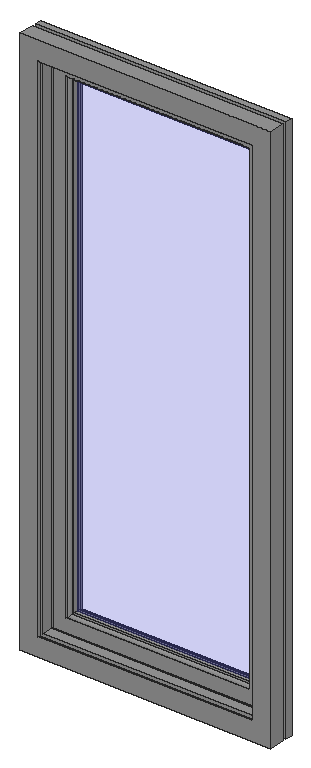
Revit family "MB1 RH", category Windows, host Wall, Revit 2015
Parameters (values of type "MB1 RH")
  Height = 1195 mm
  Default Lintel Height = 2100 mm
  Wall Closure = By host
  Width = 542 mm
Reference planes
  plane 1 "Center (Front/Back)": y = 0
  plane 2 "Center (Left/Right)": x = 0
  plane 3 "Left": x = -271
  plane 4 "Right": x = 271
  plane 5 "Sill": z = 905
  plane 6 "Head": z = 2100
  plane 7 "Exterior": y = 100
  plane 8 "Interior": y = -100
  plane 9: y = -28.5
  plane 10: y = 23.5
Forms (mm)
  Sweep 1, solid, material "Lauan, Meranti"
    path origin (0, 100, 0) x (1, 0, 0) y (0, 0, 1)
      loop
        line (271, 2100) -> (-271, 2100) -> (-271, 905) -> (271, 905) -> (271, 2100)
    profile origin (0, 100, 2100) x (0, 0, -1) y (0, -1, 0)
      loop
        line (0, 71.5) -> (29, 71.5) -> (29, 96.5) -> (37.5, 96.5) -> (37.5, 102.5) -> (40.5, 102.5) -> (40.5, 96.5) -> (44, 96.5) -> (44, 122.5) -> (39, 122.5) -> (39, 128.5) -> (0, 128.5) -> (0, 94.5) -> (10, 94.5) -> (10, 86.5) -> (0, 86.5) -> (0, 71.5)
  Sweep 2, solid, material "Rubber"
    path origin (0, 100, 0) x (1, 0, 0) y (0, 0, 1)
      loop
        line (233.5, 2062.5) -> (-233.5, 2062.5) -> (-233.5, 942.5) -> (233.5, 942.5) -> (233.5, 2062.5)
    profile origin (0, 100, 2062.5) x (0, 0, -1) y (0, -1, 0)
      loop
        line (1.5, 91.5) -> (6.5, 93.5) -> (6.5, 96.5) -> (2.5, 96.5) -> (2.5, 98.93) -> (3.5, 98.93) -> (2.5, 99.198) -> (2.5, 100.964) -> (3.5, 100.964) -> (1.5, 101.5) -> (-0.5, 100.964) -> (0.5, 100.964) -> (0.5, 99.198) -> (-0.5, 98.93) -> (0.5, 98.93) -> (0.5, 96.5) -> (-3.5, 96.5) -> (-3.5, 93.5) -> (1.5, 91.5)
  Sweep 3, solid, material "Lauan, Meranti"
    path origin (0, 100, 0) x (1, 0, 0) y (0, 0, 1)
      loop
        line (242, 2071) -> (-242, 2071) -> (-242, 934) -> (242, 934) -> (242, 2071)
    profile origin (0, 100, 2071) x (0, 0, -1) y (0, -1, 0)
      loop
        arc (-5, 57.5) -> (-3.242, 53.257) -> (1, 51.5) r 6
        line (1, 51.5) -> (43, 51.5) -> (43, 76.5) -> (52, 76.5) -> (52, 84.5) -> (49, 84.5)
        arc (49, 84.5) -> (47.243, 88.743) -> (43, 90.5) r 6
        line (43, 90.5) -> (43, 93.5) -> (10, 93.5) -> (10, 89.5) -> (12, 89.5) -> (12, 84.5) -> (14, 83.964) -> (14, 79.036) -> (12, 78.5) -> (12, 71.5) -> (-5, 71.5) -> (-5, 57.5)
  Sweep 4, solid, material "Lauan, Meranti"
    path origin (0, 100, 0) x (1, 0, 0) y (0, 0, 1)
      loop
        line (198.986, 2027.989) -> (-198.986, 2027.989) -> (-198.986, 977.011) -> (198.986, 977.011) -> (198.986, 2027.989)
    profile origin (0, 100, 2027.989) x (0, 0, -1) y (0, -1, 0)
      loop
        arc (0, 62.1) -> (4.67, 63.734) -> (7, 68.1) r 6.807
        line (7, 68.1) -> (9, 68.1) -> (9, 70.1) -> (0, 70.1) -> (0, 62.1)
  Extrusion 5, solid, material "Glass"
    sketch origin (-271, 0, 0) x (0, -1, 0) y (0, 0, 1)
      loop
        line (-23.5, 2028) -> (-29.9, 2028) -> (-29.9, 977) -> (-23.5, 977) -> (-23.5, 2028)
    from -470 to -72
Lines and regions (mm)
  Opening 1
    outline origin (3500, -100, 0) x (1, 0, 0) y (0, 0, 1)
      loop
        line (-3229, 905) -> (-3229, 2100) -> (-3771, 2100) -> (-3771, 905) -> (-3229, 905)
  model lines
    curve 1: line (-247, 48.5, 2076) -> (247, 48.5, 1502.5)
    curve 2: line (247, 48.5, 1502.5) -> (-247, 48.5, 929)
Text (mm)
  text "EXTERIOR" at (-1963.203, 1332.353, 0), in view "Ref. Level"
  text "INTERIOR" at (-1981.466, -818.386, 0), in view "Ref. Level"
  text "Exterior" at (0, 923.751, 2943.296), in view "Right"
  text "Exterior" at (0, 1040.484, 2685.409), in view "Left"
Dimensions and locks
  equal spacing: plane 3 "Left", plane 2 "Center (Left/Right)", plane 4 "Right"
  "Width": plane 3 "Left" to plane 4 "Right"
  "Height": plane 5 "Sill" to plane 6 "Head"
  "Default Lintel Height": plane 6 "Head" to level
  locked: plane 7 "Exterior" to host wall at 0
  locked: plane 8 "Interior" to host wall
  locked: plane 10 to plane 9 at 52
  aligned and locked: Sweep 1 sketch curve to host wall  (x4)
  aligned and locked: Sweep 2 sketch curve to Sweep 1  (x4)
  aligned and locked: Sweep 3 sketch curve to Sweep 1  (x4)
  aligned and locked: Sweep 4 sketch curve to Sweep 3  (x2)
  aligned and locked: Extrusion 5 to Sweep 3  (x3)
  aligned and locked: Extrusion 5 to Sweep 4
  aligned and locked: Sweep 3 sketch curve to Sweep 2
Automatic sketch dimensions
  plane 3 "Left" to Opening 1 sketch curve = 0 mm
  plane 4 "Right" to Opening 1 sketch curve = 0 mm
  Opening 1 sketch curve to plane 5 "Sill" = 0 mm
  Opening 1 sketch curve to plane 6 "Head" = 0 mm
  Sweep 1 sketch curve to profile plane = 0 mm  (x2)
  Sweep 1 sketch curve to profile plane = 10 mm
  Sweep 1 sketch curve to Sweep 1 sketch curve = 19 mm
  Sweep 1 sketch curve to Sweep 1 sketch curve = 8.5 mm
  Sweep 1 sketch curve to Sweep 1 sketch curve = 1.5 mm
  Sweep 1 sketch curve to Sweep 1 sketch curve = 3 mm
  Sweep 1 sketch curve to Sweep 1 sketch curve = 3.5 mm
  plane 7 "Exterior" to Sweep 1 sketch curve = 71.5 mm
  Sweep 1 sketch curve to Sweep 1 sketch curve = 15 mm
  Sweep 1 sketch curve to Sweep 1 sketch curve = 8 mm
  Sweep 1 sketch curve to Sweep 1 sketch curve = 25 mm
  Sweep 1 sketch curve to Sweep 1 sketch curve = 0 mm
  Sweep 1 sketch curve to Sweep 1 sketch curve = 6 mm
  Sweep 1 sketch curve to Sweep 1 sketch curve = 20 mm
  Sweep 1 sketch curve to Sweep 1 sketch curve = 34 mm
  profile plane to Sweep 2 sketch curve = 3.5 mm
  profile plane to Sweep 2 sketch curve = 0.5 mm  (x2)
  Sweep 2 sketch curve to profile plane = 0.5 mm
  Sweep 2 sketch curve to Sweep 2 sketch curve = 0 mm  (x2)
  Sweep 2 sketch curve to profile plane = 1.5 mm
  Sweep 2 sketch curve to Sweep 2 sketch curve = 1 mm  (x4)
  Sweep 2 sketch curve to Sweep 2 sketch curve = 2 mm  (x3)
  Sweep 2 sketch curve to Sweep 2 sketch curve = 4 mm
  plane 7 "Exterior" to Sweep 2 sketch curve = 91.5 mm
  Sweep 2 sketch curve to Sweep 2 sketch curve = 3 mm  (x2)
  Sweep 2 sketch curve to Sweep 2 sketch curve = 2.43 mm
  Sweep 2 sketch curve to Sweep 2 sketch curve = 0.268 mm  (x2)
  Sweep 2 sketch curve to Sweep 2 sketch curve = 1.766 mm  (x2)
  Sweep 2 sketch curve to Sweep 2 sketch curve = 0.536 mm
  profile plane to Sweep 3 sketch curve = 5 mm
  Sweep 3 sketch curve to profile plane = 1 mm
  Sweep 3 sketch curve to profile plane = 10 mm
  Sweep 3 sketch curve to Sweep 3 sketch curve = 2 mm  (x2)
  Sweep 3 sketch curve to profile plane = 12 mm
  Sweep 3 sketch curve to Sweep 3 sketch curve = 31 mm
  Sweep 3 sketch curve to Sweep 3 sketch curve = 0 mm
  Sweep 3 sketch curve to Sweep 3 sketch curve = 6 mm
  Sweep 3 sketch curve to Sweep 3 sketch curve = 3 mm  (x2)
  Sweep 3 sketch curve to Sweep 3 sketch curve = 4 mm
  Sweep 3 sketch curve to Sweep 3 sketch curve = 5 mm
  Sweep 3 sketch curve to Sweep 3 sketch curve = 0.536 mm  (x2)
  Sweep 3 sketch curve to Sweep 3 sketch curve = 4.928 mm
  Sweep 3 sketch curve to Sweep 3 sketch curve = 8 mm
  Sweep 3 sketch curve to Sweep 3 sketch curve = 7 mm
  Sweep 3 sketch curve to Sweep 3 sketch curve = 14 mm
  plane 4 "Right" to Sweep 4 sketch curve = 72.014 mm
  plane 6 "Head" to Sweep 4 sketch curve = 72.011 mm
  Sweep 4 sketch curve to profile plane = 0 mm
  Sweep 4 sketch curve to profile plane = 0.241 mm
  Sweep 4 sketch curve to Sweep 4 sketch curve = 6.759 mm
  Sweep 4 sketch curve to Sweep 4 sketch curve = 2 mm  (x2)
  plane 7 "Exterior" to Sweep 4 sketch curve = 62.1 mm
  Sweep 4 sketch curve to Sweep 4 sketch curve = 6 mm
  plane 4 "Right" to curve 2 = 24 mm
  curve 2 to plane 5 "Sill" = 597.5 mm
  curve 1 to plane 3 "Left" = 24 mm
  curve 2 to plane 3 "Left" = 24 mm
  curve 2 to plane 5 "Sill" = 24 mm
  plane 6 "Head" to curve 1 = 24 mm
  Extrusion 5 sketch curve to plane 10 = 0 mm
  plane 10 to Extrusion 5 sketch curve = 6.4 mm
  Extrusion 5 sketch curve to plane 5 "Sill" = 72 mm
  plane 6 "Head" to Extrusion 5 sketch curve = 72 mm
